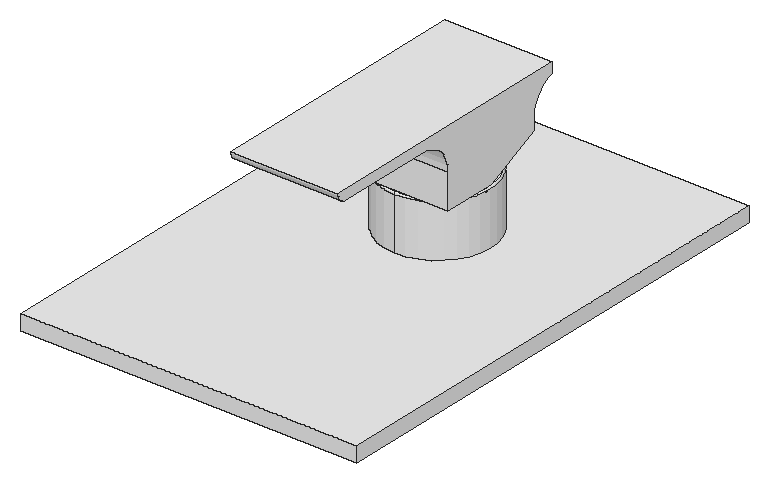
Revit family "Mixer-Bath Shower-Dorf Jovian1", category Plumbing Fixtures, host Face, Revit 2013
Parameters (values of type "Jovian Bath/Shower Mixer")
  Waste Connection = no
  Vent Connection = no
  URL = "http://dorf.com.au/product-ranges/mixer-taps/jovian/jovian-bath-shower-mixer"
  Type Comments = "35mm adjustable cartridge, reduces water"  # constant formula
  ModifiedIssue_ANZRS = 2013.2  # constant formula
  Model = "2122.04"  # constant formula
  Material_ANZRS = Metal-Chrome-Caroma
  Manufacturer = "GWA Bathrooms & Kitchens"  # constant formula
  HWFU = 2
  HW Connection = yes
  Description = "Dorf Jovian Bath/Shower Mixer"  # constant formula
  Default Elevation = 900 mm
  CreatedBy_ANZRS = "Design Content"  # constant formula
  CreatedByURL_ANZRS = "www.designcontent.com.au"
  Cost = 366.73
  Connector Radius = 10 mm
  CWFU = 2
  CW Connection = yes
  Assembly Code = "C1030210"
Reference planes
  plane 1 "Center (Front/Back)": y = 0
  plane 2: z = 0
  plane 3 "Center (Left/Right)": x = 0
  plane 4 "Left": x = -66
  plane 5 "Right": x = 66
  plane 6 "Bottom": y = -122
  plane 7 "Top": y = 70
Forms (mm)
  Extrusion 1, solid, material "Metal-Chrome-Caroma" <- "Material_ANZRS"
    sketch origin (0, 0, 0) x (0, 1, 0) y (0, 0, 1)
      loop
        line (70, 0) -> (70, 6) -> (-122, 6) -> (-122, 0) -> (70, 0)
    from -66 to 66
  Extrusion 2, solid, material "Metal-Chrome-Caroma" <- "Material_ANZRS"
    sketch origin (0, 0, 0) x (0, 1, 0) y (0, 0, 1)
      loop
        line (-21, 28.138) -> (0, 28.138) -> (21.007, 37.933) -> (21.007, 42.933)
        arc (21.007, 42.933) -> (23.533, 50.117) -> (30, 54.138) r 11.476
        line (30, 54.138) -> (30, 58.138) -> (-75, 58.138)
        arc (-75, 58.138) -> (-73.828, 55.309) -> (-71, 54.138) r 4
        line (-71, 54.138) -> (-33.215, 54.138)
        arc (-33.215, 54.138) -> (-24.578, 50.56) -> (-21, 41.922) r 12.215
        line (-21, 41.922) -> (-21, 28.138)
    from -21 to 21
  Revolve 3, solid, material "Metal-Chrome-Caroma" <- "Material_ANZRS"
    sketch origin (0, 0, 0) x (0, 1, 0) y (0, 0, 1)
      loop
        line (0, 6) -> (20.917, 6) -> (20.917, 26.662)
        arc (20.917, 26.662) -> (20.748, 27.069) -> (20.342, 27.238) r 0.575
        line (20.342, 27.238) -> (18.42, 27.238)
        arc (18.42, 27.238) -> (12.684, 40.055) -> (0, 46.082) r 20.299
        line (0, 46.082) -> (0, 6)
      axis (0, 46.082) -> (0, 6)
    angle from 0 to 360
  Extrusion 4, solid, material "Metal-Chrome-Caroma" <- "Material_ANZRS"
    sketch origin (21.651, 0, 0) x (1, 0, 0) y (0, 1, 0)
      loop
        circle (-10.825, -6.25) r 10
    from -20 to 0
  Extrusion 5, solid, material "Metal-Chrome-Caroma" <- "Material_ANZRS"
    sketch origin (-21.651, 0, 0) x (-1, 0, 0) y (0, -1, 0)
      loop
        circle (-10.825, 6.25) r 10
    from -20 to 0
  Extrusion 6, solid, material "Metal-Chrome-Caroma" <- "Material_ANZRS"
    sketch origin (-2.905, 33.204, 0) x (1, 0, 0) y (0, 1, 0)
      loop
        circle (2.905, -20.704) r 10
    from -20 to 0
Cuts and joins
  joined: Extrusion 2, Revolve 3
Lines and regions (mm)
  Masking region 1
    outline origin (0, 0, 0) x (0, 1, 0) y (0, 0, 1)
      loop
        line (-20.917, 6) -> (-122, 6) -> (-122, 0) -> (70, 0) -> (70, 6) -> (20.917, 6) -> (20.917, 26.598)
        arc (20.917, 26.598) -> (20.73, 27.05) -> (20.277, 27.238) r 0.639
        line (20.277, 27.238) -> (18.445, 27.238)
        arc (18.445, 27.238) -> (17.621, 31.534) -> (16, 35.598) r 23.07
        line (16, 35.598) -> (21.007, 37.933) -> (21.007, 42.933)
        arc (21.007, 42.933) -> (23.533, 50.117) -> (30, 54.138) r 11.476
        line (30, 54.138) -> (30, 58.138) -> (-75, 58.138)
        arc (-75, 58.138) -> (-73.828, 55.309) -> (-71, 54.138) r 4
        line (-71, 54.138) -> (-33.215, 54.138)
        arc (-33.215, 54.138) -> (-24.578, 50.56) -> (-21, 41.922) r 12.215
        line (-21, 41.922) -> (-21, 28.138) -> (-18.342, 28.138)
        arc (-18.342, 28.138) -> (-18.398, 27.688) -> (-18.445, 27.238) r 23.07
        line (-18.445, 27.238) -> (-20.277, 27.238)
        arc (-20.277, 27.238) -> (-20.73, 27.05) -> (-20.917, 26.598) r 0.639
        line (-20.917, 26.598) -> (-20.917, 6)
  Masking region 2
    outline origin (0, 0, 0) x (1, 0, 0) y (0, 0, 1)
      loop
        line (66, 6) -> (21, 6) -> (21, 26.684)
        arc (21, 26.684) -> (20.838, 27.076) -> (20.447, 27.238) r 0.553
        line (20.447, 27.238) -> (18.42, 27.238) -> (18.339, 28.138) -> (21, 28.138) -> (21, 58.138) -> (-21, 58.138) -> (-21, 28.138) -> (-18.339, 28.138) -> (-18.42, 27.238) -> (-20.447, 27.238)
        arc (-20.447, 27.238) -> (-20.838, 27.076) -> (-21, 26.684) r 0.553
        line (-21, 26.684) -> (-21, 6) -> (-66, 6) -> (-66, 0) -> (66, 0) -> (66, 6)
  Masking region 3
    outline origin (0, 0, 0) x (1, 0, 0) y (0, 1, 0)
      loop
        line (-66, 70) -> (-66, -122) -> (66, -122) -> (66, 70) -> (-66, 70)
  symbolic lines
    curve 1: line (0, -21, 28.138) -> (0, 0, 28.138)
    curve 2: line (0, 40, 6) -> (0, -40, 6)
    curve 3: line (0, 20.277, 27.238) -> (0, -20.342, 27.238)
    curve 4: arc (0, -18.42, 27.238) -> (0, -18.389, 27.688) -> (0, -18.34, 28.138) r 11.786
    curve 5: line (20.342, 0, 27.238) -> (-18.42, 0, 27.238)
    curve 6: line (18.339, 0, 28.138) -> (18.42, 0, 27.238)
    curve 7: line (-18.339, 0, 28.138) -> (-18.42, 0, 27.238)
    curve 8: spline (0, 0, 35.595) -> (2.333, 0, 35.527) -> (4.627, 0, 35.336) -> (6.845, 0, 35.023) -> (8.952, 0, 34.594) -> (10.913, 0, 34.055) -> (12.697, 0, 33.416) -> (14.275, 0, 32.687) -> (15.623, 0, 31.88) -> (16.718, 0, 31.006) -> (17.542, 0, 30.082) -> (18.083, 0, 29.12) -> (18.332, 0, 28.138)
    curve 9: spline (-18.332, 0, 28.138) -> (-18.083, 0, 29.12) -> (-17.542, 0, 30.082) -> (-16.718, 0, 31.006) -> (-15.623, 0, 31.88) -> (-14.275, 0, 32.687) -> (-12.697, 0, 33.416) -> (-10.913, 0, 34.055) -> (-8.952, 0, 34.594) -> (-6.845, 0, 35.023) -> (-4.627, 0, 35.336) -> (-2.333, 0, 35.527) -> (0, 0, 35.595)
    curve 10: line (-21, 0, 37.933) -> (21, 0, 37.933)
    curve 11: line (-21, 0, 54.138) -> (21, 0, 54.138)
    curve 12: line (66, 0, 6) -> (-66, 0, 6)
    curve 13: line (-21, 30, 0) -> (-21, -75, 0)
    curve 14: line (21, 30, 0) -> (-21, 30, 0)
    curve 15: line (21, -75, 0) -> (21, 30, 0)
    curve 16: line (-21, -75, 0) -> (21, -75, 0)
    curve 17: line (0, 0, 28.138) -> (0, 21.007, 37.933)
Dimensions and locks
  aligned and locked: plane 2 to host face
  aligned and locked: level to host face
Connectors
  piping at (10.825, -6.25, -20), driven by "Connector Radius", driven by "CWFU"
    settings: on Extrusion 4, index 6, connector radius 0.3937", flow factor 0, pipe flow 0 GPM, pressure drop 0.00 psi, fitting loss kfactor 0, connector angle 0.00°, fixture units 2, engagement length 0 mm, flow configuration 3, flow direction 1, fitting loss method 1, system type 20, joint type 0, gender type 0, connector reference index -1, connector utility 0, adjustable connector no, is connector primary yes, fitting loss table "Inward Projecting Pipe", connector description "Cold Inlet"
  piping at (-10.825, -6.25, -20), driven by "Connector Radius", driven by "HWFU"
    settings: on Extrusion 5, index 7, connector radius 0.3937", flow factor 0, pipe flow 0 GPM, pressure drop 0.00 psi, fitting loss kfactor 0, connector angle 0.00°, fixture units 2, engagement length 0 mm, flow configuration 3, flow direction 1, fitting loss method 1, system type 19, joint type 0, gender type 0, connector reference index 8, connector utility 0, adjustable connector no, is connector primary no, fitting loss table "Inward Projecting Pipe", connector description "Hot Inlet"
  piping at (0, 12.5, -20), driven by "Connector Radius", driven by "HWFU"
    settings: on Extrusion 6, index 8, connector radius 0.3937", flow factor 0, pipe flow 0 GPM, pressure drop 0.00 psi, fitting loss kfactor 0, connector angle 0.00°, fixture units 2, engagement length 0 mm, flow configuration 3, flow direction 2, fitting loss method 1, system type 19, joint type 0, gender type 0, connector reference index 7, connector utility 0, adjustable connector no, is connector primary no, fitting loss table "Outlet", connector description "Temperate Outlet"
